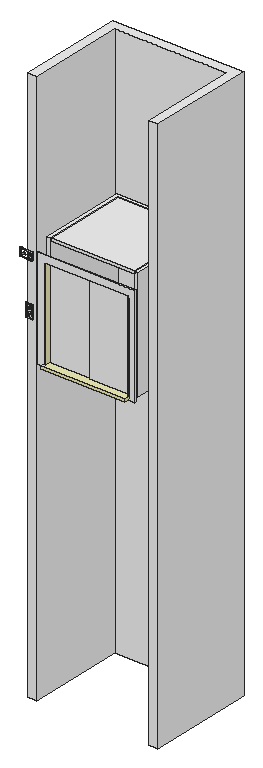
Revit family "Elevator", category Windows, host Wall, Revit 2026
Family settings
  Host = Wall
  Classification Number = 23.50.05.11
  Always vertical = Yes
  Cut with Voids When Loaded = No
  Shared = No
  Room Calculation Point = No
Parameters
  Warranty Duration (Years) = 0
  Type Comments = ""
  Trim Material [instance] = ARCAT - Metal - Aluminum_0.032" - White
  Travel Speed_FPM = 350
  Total Floors = 4
  Test Data = ""
  Stopping Accuracy = 0' - 0 1/4"
  Specification = "http://www.arcat.com/divs/sec/sec14200.shtml"
  Show Shaft = yes
  Show Door = yes
  Show Carriage on Floor = 3
  Shaft Wall Construction = ARCAT - Metal - Steel 20ga - Mill
  Shaft Height = Total Floors * Distance Between Floors  # 40' - 0"
  Sales Information = ""
  Rough Height = 31' - 2"
  Roping = "2:1"
  Rated Capacity_Lbs = 3000
  Product Properties = "http://www.arcat.com/bim/bim_info.pl?fn=Elevator"
  Product Data = "http://www.arcat.com/divs/sec/sec14200.shtml"
  Power Supply = "{208}{240}{440}{480}{600} VAC - 3 Phase"
  Number of Stops = "36"
  Number of Openings = "36"
  Model = "Generic"  # constant formula
  Manufacturer Website = ""
  Manufacturer Phone - Toll Free = ""
  Manufacturer Phone = "(203) 929-9444"  # constant formula
  Manufacturer Fax = "(203) 929-2444"  # constant formula
  Manufacturer Email = "bim@arcat.com"  # constant formula
  Manufacturer Address = "1077 Bridgeport Ave, Shelton, CT  06484"  # constant formula
  Manufacturer = "Generic"  # constant formula
  Maintenance Schedule (Months) = 0
  Keynote = "14200"
  Installation-Fabrication = ""
  Installation Phase = ""
  Height = 6' - 8"
  Hardware Finish [instance] = ARCAT - Metal - Brass - Polished
  Green Building-LEED = "http://www.arcat.com/green/green_building.shtml"
  Floor = (Show Carriage on Floor * Distance Between Floors) - (Distance Between Floors) + 2' 0"  # 22' - 0"
  Expected Lifespan (Years) = 0
  Drive Type = "90/120 amp AC Drive"
  Drawn By = "Robert S. Weygant. CSI, CDT, SCIP"  # constant formula
  Door Opening Time = "2.2 Seconds"
  Door Material = ARCAT - Metal - Stainless Steel - 304 - Satin
  Distance Between Floors = 10' - 0"
  Description = "Elevator"
  Depth = 6' - 0"
  Wall Closure = By host
  Width = 6' - 0"
  Copyright = "2008, ARCAT, Inc."  # constant formula
  Construction Details = "http://www.arcat.com/divs/sec/sec14200.shtml"
  Cladding Material = ARCAT - Metal - Stainless Steel - 304 - Satin
  Carriage Material = ARCAT - Metal - Stainless Steel - 304 - Satin
  Carriage Height = 8' - 0"
  Building Codes = ""
  Assembly Code = "D1010"
Reference planes (in)
  plane 1 "Center (Front/Back)": y = 0
  plane 2: z = 494
  plane 3 "Center (Left/Right)": x = 0
  plane 4 "Left": x = -36
  plane 5 "Right": x = 36
  plane 6 "Sill": z = 758
  plane 7 "Top": z = 838
  plane 8: y = 3
  plane 9: y = 75
  plane 10: z = 974
  plane 11 "Floor Level": z = 518
Forms (in)
  Extrusion 1, solid, material "ARCAT - Metal - Steel 20ga - Mill" <- "Shaft Wall Construction", visible <- "Show Shaft"
    sketch origin (0, 0, 0) x (0, -1, 0) y (1, 0, 0)
      loop
        line (-3, -48) -> (-87, -48) -> (-87, 48) -> (-3, 48) -> (-3, 56) -> (-95, 56) -> (-95, -56) -> (-3, -56) -> (-3, -48)
    from 494 to 974
  Extrusion 2, solid, material "ARCAT - Metal - Brass - Polished" <- "Hardware Finish"
    sketch origin (0, 0, 35.25) x (0, -1, 0) y (1, 0, 0)
      loop
        line (-0.7396, -36) -> (7.27115, -36) -> (7.27115, 36) -> (-0.7396, 36) -> (-0.7396, -36)
    from 722.75 to 724.75
  Extrusion 3, solid, material "ARCAT - Metal - Brass - Polished" <- "Hardware Finish"
    sketch origin (0, 0, 115.25) x (0, -1, 0) y (1, 0, 0)
      loop
        line (-3, -36) -> (3, -36) -> (3, 36) -> (-3, 36) -> (-3, -36)
    from 722 to 722.75
  Extrusion 4, solid, material "ARCAT - Metal - Brass - Polished" <- "Hardware Finish"
    sketch origin (0, 0, 758) x (0, -1, 0) y (1, 0, 0)
      loop
        line (-3, -36) -> (3, -36) -> (3, -35.25) -> (-3, -35.25) -> (-3, -36)
    from 0 to 79.25
  Extrusion 5, solid, material "ARCAT - Metal - Brass - Polished" <- "Hardware Finish"
    sketch origin (0, 0, 758) x (0, -1, 0) y (1, 0, 0)
      loop
        line (-3, 36) -> (-3, 35.25) -> (3, 35.25) -> (3, 36) -> (-3, 36)
    from 0 to 79.25
  Extrusion 6, solid, material "ARCAT - Metal - Stainless Steel - 304 - Satin" <- "Carriage Material"
    sketch origin (0, 0, 758) x (0, -1, 0) y (1, 0, 0)
      loop
        line (-3, -36) -> (-75, -36) -> (-75, 36) -> (-3, 36) -> (-3, 39) -> (-78, 39) -> (-78, -39) -> (-3, -39) -> (-3, -36)
    from 0 to 96
  Extrusion 7, solid, material "ARCAT - Metal - Stainless Steel - 304 - Satin" <- "Carriage Material"
    sketch origin (0, 0, 143.25) x (0, -1, 0) y (1, 0, 0)
      loop
        line (-75, -36) -> (-3, -36) -> (-3, 36) -> (-75, 36) -> (-75, -36)
    from 708.75 to 710.75
  Extrusion 8, solid
    sketch origin (0, 0, 158) x (0, -1, 0) y (1, 0, 0)
      loop
        line (-75, -36) -> (-3, -36) -> (-3, 36) -> (-75, 36) -> (-75, -36)
    from 600 to 602
  Extrusion 9, solid, material "ARCAT - Metal - Stainless Steel - 304 - Satin" <- "Door Material", visible <- "Show Door"
    sketch origin (0, 0, 758) x (0, -1, 0) y (1, 0, 0)
      loop
        line (-0.7396, -35.25) -> (-0.7396, 0) -> (-1.7396, 0) -> (-1.7396, -35.25) -> (-0.7396, -35.25)
    from 0 to 80
  Extrusion 10, solid, material "ARCAT - Metal - Stainless Steel - 304 - Satin" <- "Door Material", visible <- "Show Door"
    sketch origin (0, -1, 758) x (0, -1, 0) y (1, 0, 0)
      loop
        line (-0.7396, 35.25) -> (-1.7396, 35.25) -> (-1.7396, 0) -> (-0.7396, 0) -> (-0.7396, 35.25)
    from 0 to 80
  Extrusion 11, solid, material "ARCAT - Metal - Aluminum_0.032" - White" <- "Trim Material"
    sketch origin (0, -3, 0) x (1, 0, 0) y (0, 0, 1)
      loop
        line (36, 758) -> (42, 758) -> (42, 844) -> (-42, 844) -> (-42, 758) -> (-36, 758) -> (-36, 838) -> (36, 838) -> (36, 758)
    from 0 to 0.75
  Extrusion 12, solid, material "ARCAT - Metal - Brass - Polished" <- "Hardware Finish"
    sketch origin (0, -3, 0) x (1, 0, 0) y (0, 0, 1)
      loop
        line (-56.9009, 841.7411) -> (-56.9009, 835.7411) -> (-46.9009, 835.7411) -> (-46.9009, 841.7411) -> (-56.9009, 841.7411)
      loop
        line (-57.4009, 842.2411) -> (-57.4009, 835.2411) -> (-46.4009, 835.2411) -> (-46.4009, 842.2411) -> (-57.4009, 842.2411)
    from 0 to 0.25
  Extrusion 13, solid, material "ARCAT - Metal - Brass - Polished" <- "Hardware Finish"
    sketch origin (0, -3, 0) x (1, 0, 0) y (0, 0, 1)
      loop
        line (-51.94538, 801.06091) -> (-51.94538, 791.06091) -> (-46.94538, 791.06091) -> (-46.94538, 801.06091) -> (-51.94538, 801.06091)
      loop
        line (-52.44538, 801.56091) -> (-52.44538, 790.56091) -> (-46.44538, 790.56091) -> (-46.44538, 801.56091) -> (-52.44538, 801.56091)
    from 0 to 0.25
  Extrusion 14, solid, material "ARCAT - Plastic - Polycarbonate_Translucent-Red"
    sketch origin (0, 0, 0) x (1, 0, 0) y (0, 0, 1)
      loop
        line (-55.75, 837.7411) -> (-52.75, 837.7411) -> (-54.25, 839.9911) -> (-55.75, 837.7411)
      loop
        line (-48.05181, 839.7411) -> (-51.05181, 839.7411) -> (-49.55181, 837.4911) -> (-48.05181, 839.7411)
    from 3 to 3.25
  Extrusion 15, solid, material "ARCAT - Plastic - HDPE - Tan"
    sketch origin (0, 0, 0) x (1, 0, 0) y (0, 0, 1)
      loop
        circle (-49.44538, 798.06091) r 0.75
      loop
        circle (-49.44538, 794.06091) r 0.75
    from 3 to 3.25
Lines and regions (in)
  Opening 1
    outline origin (-60, -3, 134) x (1, 0, 0) y (0, 0, 1)
      loop
        line (24, 704) -> (24, 624) -> (96, 624) -> (96, 704) -> (24, 704)
Text (in)
  text "EXTERIOR" at (-81.06815, 65.26351, 0), in view "A-101 - Plan View"
  text "INTERIOR" at (-88.66869, -39.87764, 0), in view "A-101 - Plan View"
  text "Exterior" at (0, 179.77848, 93.61729), in view "Left"
  text "Exterior" at (0, 18.29385, 125.04747), in view "Right"
Dimensions and locks (in)
  equal spacing: plane 4 "Left", plane 3 "Center (Left/Right)", plane 5 "Right"
  "Width": plane 4 "Left" to plane 5 "Right"
  "Height": plane 6 "Sill" to plane 7 "Top"
  "Depth": plane 9 to plane 8
  "Shaft Height": plane 10 to plane 2
  locked: Extrusion 3 to Extrusion 3 at 0.75
  plane 7 "Top" to Extrusion 7 = 1' - 2"
  Extrusion 7 to Extrusion 6 = 0' - 2"
  locked: Extrusion 7 to Extrusion 7 at 2
  "Carriage Height": Extrusion 6 to Extrusion 6
  locked: Extrusion 8 to Extrusion 8 at 2
  "Floor": plane 6 "Sill" to plane 2
  locked: plane 11 "Floor Level" to plane 2 at 24
  aligned and locked: plane 7 "Top" to Opening 1 sketch curve
  aligned and locked: Opening 1 sketch curve to plane 5 "Right"
  aligned and locked: Opening 1 sketch curve to plane 4 "Left"
  aligned and locked: plane 10 to Extrusion 1
  aligned and locked: Extrusion 3 to Extrusion 4
  aligned and locked: Extrusion 3 to Extrusion 5
  aligned and locked: plane 7 "Top" to Extrusion 3
  aligned and locked: Extrusion 10 to host wall
  aligned and locked: Extrusion 9 to host wall
  aligned and locked: Extrusion 2 to Extrusion 9
  aligned and locked: Opening 1 sketch curve to Extrusion 2
  aligned and locked: Extrusion 14 to Extrusion 12
  aligned and locked: Extrusion 12 to Extrusion 14
  aligned and locked: Extrusion 13 to Extrusion 15  (x2)
  aligned and locked: plane 10 to host wall
  aligned and locked: Extrusion 1 to plane 2
  aligned and locked: Extrusion 7 to Extrusion 6
  aligned and locked: Extrusion 6 to plane 6 "Sill"
  aligned and locked: Extrusion 8 to plane 6 "Sill"
  aligned and locked: Extrusion 2 to plane 6 "Sill"
  aligned and locked: Extrusion 2 to Extrusion 8
  aligned: Extrusion 1 to level
Automatic sketch dimensions
  Extrusion 1 sketch curve to host wall = 0' - 0"  (x2)
  plane 9 to Extrusion 1 sketch curve = 1' - 0"
  Extrusion 1 sketch curve to Extrusion 1 sketch curve = 0' - 8"  (x3)
  plane 4 "Left" to Extrusion 1 sketch curve = 1' - 8"
  Extrusion 1 sketch curve to plane 5 "Right" = 1' - 0"
  Extrusion 2 sketch curve to host wall = 0' - 3.7396"
  Extrusion 2 sketch curve to plane 4 "Left" = 0' - 0"
  Extrusion 2 sketch curve to plane 5 "Right" = 0' - 0"
  host wall to Extrusion 2 sketch curve = 0' - 4.27115"
  Extrusion 3 sketch curve to host wall = 0' - 0"  (x2)
  Extrusion 3 sketch curve to plane 4 "Left" = 0' - 0"
  Extrusion 3 sketch curve to plane 5 "Right" = 0' - 0"
  Extrusion 4 sketch curve to host wall = 0' - 0"  (x2)
  Extrusion 4 sketch curve to plane 4 "Left" = 0' - 0"
  Extrusion 4 sketch curve to Extrusion 4 sketch curve = 0' - 0 3/4"
  Extrusion 5 sketch curve to host wall = 0' - 0"  (x2)
  Extrusion 5 sketch curve to plane 5 "Right" = 0' - 0"
  Extrusion 5 sketch curve to Extrusion 5 sketch curve = 0' - 0 3/4"
  Extrusion 6 sketch curve to plane 4 "Left" = 0' - 0"
  Extrusion 6 sketch curve to plane 9 = 0' - 0"
  Extrusion 6 sketch curve to host wall = 0' - 0"  (x2)
  Extrusion 6 sketch curve to plane 5 "Right" = 0' - 0"
  plane 9 to Extrusion 6 sketch curve = 0' - 3"
  plane 4 "Left" to Extrusion 6 sketch curve = 0' - 3"
  Extrusion 6 sketch curve to plane 5 "Right" = 0' - 3"
  Extrusion 7 sketch curve to plane 5 "Right" = 0' - 0"
  Extrusion 7 sketch curve to plane 9 = 0' - 0"
  Extrusion 7 sketch curve to host wall = 0' - 0"
  Extrusion 7 sketch curve to plane 4 "Left" = 0' - 0"
  Extrusion 8 sketch curve to plane 5 "Right" = 0' - 0"
  Extrusion 8 sketch curve to plane 9 = 0' - 0"
  Extrusion 8 sketch curve to host wall = 0' - 0"
  Extrusion 8 sketch curve to plane 4 "Left" = 0' - 0"
  Extrusion 9 sketch curve to plane 3 "Center (Left/Right)" = 0' - 0"
  Extrusion 9 sketch curve to host wall = 0' - 1.2604"
  Extrusion 9 sketch curve to host wall = 0' - 0.7396"
  Extrusion 9 sketch curve to plane 4 "Left" = 0' - 0 3/4"
  Extrusion 10 sketch curve to plane 3 "Center (Left/Right)" = 0' - 0"
  host wall to Extrusion 10 sketch curve = 0' - 0.7396"
  Extrusion 10 sketch curve to host wall = 0' - 0.2604"
  Extrusion 10 sketch curve to plane 5 "Right" = 0' - 0 3/4"
  Extrusion 11 sketch curve to plane 6 "Sill" = 0' - 0"  (x2)
  Extrusion 11 sketch curve to plane 4 "Left" = 0' - 0"
  Extrusion 11 sketch curve to plane 5 "Right" = 0' - 0"
  Extrusion 11 sketch curve to plane 7 "Top" = 0' - 0"
  plane 4 "Left" to Extrusion 11 sketch curve = 0' - 6"
  Extrusion 11 sketch curve to Extrusion 11 sketch curve = 0' - 6"
  Extrusion 11 sketch curve to plane 7 "Top" = 0' - 6"
  plane 7 "Top" to Extrusion 12 sketch curve = 0' - 2.7589"
  plane 4 "Left" to Extrusion 12 sketch curve = 1' - 9.4009"
  Extrusion 12 sketch curve to Extrusion 12 sketch curve = 0' - 0 1/2"  (x4)
  plane 4 "Left" to Extrusion 13 sketch curve = 1' - 4.44538"
  Extrusion 13 sketch curve to Extrusion 13 sketch curve = 0' - 0 1/2"  (x4)
  Extrusion 13 sketch curve to plane 6 "Sill" = 2' - 8.56091"
  Extrusion 12 sketch curve to plane 7 "Top" = 0' - 3.7411"
  Extrusion 12 sketch curve to Extrusion 12 sketch curve = 0' - 10"
  plane 7 "Top" to Extrusion 14 sketch curve = 0' - 0.2589"
  plane 4 "Left" to Extrusion 14 sketch curve = 1' - 7 3/4"
  Extrusion 14 sketch curve to plane 7 "Top" = 0' - 1.9911"
  Extrusion 14 sketch curve to Extrusion 14 sketch curve = 0' - 1 1/2"  (x4)
  Extrusion 14 sketch curve to Extrusion 14 sketch curve = 0' - 1.69819"
  plane 7 "Top" to Extrusion 14 sketch curve = 0' - 0.5089"
  Extrusion 14 sketch curve to plane 7 "Top" = 0' - 1.7411"
  Extrusion 13 sketch curve to Extrusion 13 sketch curve = 0' - 5"
  Extrusion 13 sketch curve to Extrusion 13 sketch curve = 0' - 10"
  plane 4 "Left" to Extrusion 15 sketch curve = 1' - 1.44538"
  Extrusion 15 sketch curve to Extrusion 15 sketch curve = 0' - 0"
  Extrusion 15 sketch curve to plane 6 "Sill" = 3' - 0.06091"
  Extrusion 15 sketch curve to Extrusion 15 sketch curve = 0' - 4"
  radius of Extrusion 15 sketch curve = 0' - 0 3/4"  (x2)
